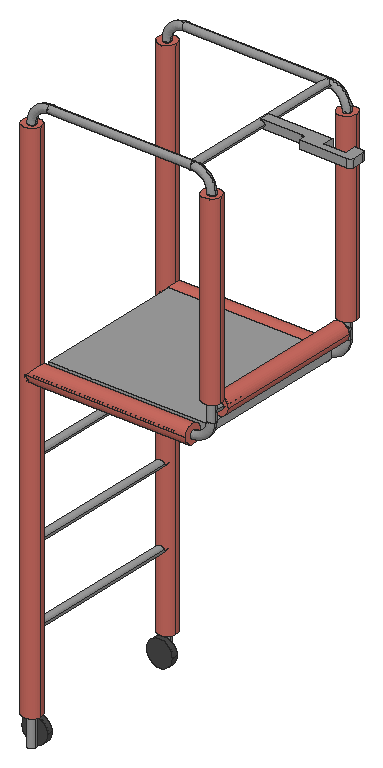
Revit family "Platform_Officials_Adjustable-Clamp-On_VB73A", category Generic Models, Revit 2022
Family settings
  Can host rebar = No
  Round Connector Dimension = Use Diameter
  Part Type = Normal
  OmniClass Number = 23.40.50.34.14
  OmniClass Title = Gymnasium Equipment
  Work Plane-Based = No
  Always vertical = Yes
  Cut with Voids When Loaded = No
  Maintain Annotation Orientation = No
  Shared = No
  Room Calculation Point = No
Parameters
  Width = 1' - 11"
  URL = "https://ipibybison.com/"
  Test Data = "http://www.ipibybison.com/ToolBox.php"
  Specification = "https://www.arcat.com/arcatcos/cos49/arc49571.html"
  Sales Information = "http://www.ipibybison.com/DealersPage.php"
  Revision = "R1_2018-09"
  Product Data = "http://www.arcat.com/arcatcos/cos38/arc38554.html"
  Platform Height [instance] = 3' - 9.75607"
  Padding = Padding - Specify Color
  Model = "As Specified"
  Manufacturer Website = "http://www.ipibybison.com/"
  Manufacturer Phone - Toll Free = "888-438-5311"
  Manufacturer Phone = "888-438-5311"
  Manufacturer Fax = "888-438-5312"
  Manufacturer Address = "603 L St.   Lincoln, NE 68508"
  Manufacturer = "BRP by bison"
  Length = 2' - 11"
  Keynote = "11 66 00"
  Installation-Fabrication = "http://www.ipibybison.com/InstallersPage.php"
  Height [instance] = Platform Height + 2' 8 3/4"  # 6' - 6.50607"
  Green Building-LEED = "https://www.arcat.com/green/green_building.shtml"
  Frame Material = Powder Coat - Gray
  Drawn By = "Sumex Design, Inc. / Robert S. Weygant, CSI, CDT, SCIP"
  Description = "IPI by Bison Gymnasium Equipment"
  Default Elevation = 0' - 0"
  Copyright = "©Arcat Inc."
  Construction Details = "https://www.arcat.com/downloads/38554-brpbis/bim/bison/BRP%20by%20bison"
  Category = ""
  Building Codes = "https://www.brpbybison.com/submittals.html"
Reference planes (in)
  plane 1 "Center (Front/Back)": y = 0
  plane 2 "Bottom": z = 0
  plane 3 "Center (Left/Right)": x = 0
  plane 4: x = -7.5
  plane 5: x = 1.5
  plane 6: x = -1.5
  plane 7 "Front": x = 3
  plane 8 "Back": x = -32
  plane 9 "Right": y = 11.5
  plane 10 "Left": y = -11.5
  plane 11: z = 45.75607
  plane 12 "Top": z = 78.50607
  plane 13: z = 4
  plane 14: z = 75.91302
  plane 15: z = 48.34912
  plane 16: x = -10.09305
  plane 17: y = 10.25
  plane 18: y = -10.25
  plane 19: z = 50.84912
  plane 20: z = 49.59912
  plane 21: z = 46.75607
  plane 22: z = 35.31705
  plane 23: z = 24.87804
  plane 24: z = 14.43902
  plane 25: z = 1.75
Forms (in)
  Sweep 1, solid, material "Powder Coat - Gray" <- "Frame Material"
    path origin (0, -11.5, 0) x (-1, 0, 0) y (0, 0, 1)
      loop
        line (32, 0) -> (32, 76.00364)
        arc (32, 76.00364) -> (31.26706, 77.77313) -> (29.49757, 78.50607) r 2.50243
        line (29.49757, 78.50607) -> (10.00243, 78.50607)
        arc (10.00243, 78.50607) -> (8.23294, 77.77313) -> (7.5, 76.00364) r 2.50243
        line (7.5, 76.00364) -> (7.5, 48.25364)
        arc (7.5, 48.25364) -> (8.23152, 46.48759) -> (9.99757, 45.75607) r 2.49757
        line (9.99757, 45.75607) -> (31.5, 45.75607)
    profile origin (-32, -11.5, 38.00182) x (1, 0, 0) y (0, 1, 0)
      loop
        circle (0, 0) r 0.5
  Extrusion 2, solid, material "Padding - Specify Color" <- "Padding"
    sketch origin (0, 0, 0) x (1, 0, 0) y (0, 1, 0)
      loop
        circle (-32, -11.5) r 1.25
      loop
        circle (-32, 11.5) r 1.25
    from 4 to 75.91302
  Extrusion 3, solid, material "Padding - Specify Color" <- "Padding"
    sketch origin (0, 0, 0) x (1, 0, 0) y (0, 1, 0)
      loop
        circle (-7.5, 11.5) r 1.25
      loop
        circle (-7.5, -11.5) r 1.25
    from 50.84912 to 75.91302
  Sweep 4, solid, material "Powder Coat - Gray" <- "Frame Material"
    path origin (0, 11.5, 0) x (-1, 0, 0) y (0, 0, 1)
      loop
        line (32, 0) -> (32, 76)
        arc (32, 76) -> (31.26777, 77.76777) -> (29.5, 78.5) r 2.5
        line (29.5, 78.5) -> (10, 78.5)
        arc (10, 78.5) -> (8.23223, 77.76777) -> (7.5, 76) r 2.5
        line (7.5, 76) -> (7.5, 48.25364)
        arc (7.5, 48.25364) -> (8.23152, 46.48759) -> (9.99757, 45.75607) r 2.49757
        line (9.99757, 45.75607) -> (31.5, 45.75607)
    profile origin (-32, 11.5, 38) x (1, 0, 0) y (0, 1, 0)
      loop
        circle (0, 0) r 0.5
  Extrusion 5, solid, material "Padding - Specify Color" <- "Padding"
    sketch origin (0, 0, 0) x (0, 1, 0) y (0, 0, 1)
      loop
        circle (11.5, 45.75607) r 1.25
      loop
        circle (-11.5, 45.75607) r 1.25
    from -32 to -10.09305
  Extrusion 6, solid, material "Padding - Specify Color" <- "Padding"
    sketch origin (0, 11.5, 0) x (-1, 0, 0) y (0, 0, 1)
      loop
        circle (7.5, 49.59912) r 1.25
    from -21.75 to -1.25
  Extrusion 7, solid, material "Powder Coat - Gray" <- "Frame Material"
    sketch origin (0, 11.5, 0) x (-1, 0, 0) y (0, 0, 1)
      loop
        circle (7.5, 49.59912) r 0.5
      loop
        circle (32, 35.31705) r 0.5
      loop
        circle (32, 24.87804) r 0.5
      loop
        circle (32, 14.43902) r 0.5
    from -23 to 0
  Extrusion 8, solid, material "Powder Coat - Gray" <- "Frame Material"
    sketch origin (0, 11.5, 0) x (-1, 0, 0) y (0, 0, 1)
      loop
        circle (10.09305, 78.50607) r 0.5
    from -23 to 0
  Extrusion 9, solid, material "Powder Coat - Gray" <- "Frame Material"
    sketch origin (0, 11.5, 0) x (-1, 0, 0) y (0, 0, 1)
      loop
        line (30.75, 45.75607) -> (30.75, 46.75607) -> (8.75, 46.75607) -> (8.75, 45.75607) -> (30.75, 45.75607)
    from -21.75 to -1.25
  Extrusion 10, solid, material "Plastic, Opaque Black"
    sketch origin (0, 11.5, 0) x (-1, 0, 0) y (0, 0, 1)
      loop
        circle (32, 1.75) r 1.75
    from -1.25 to -0.54913
  Extrusion 11, solid, material "Plastic, Opaque Black"
    sketch origin (0, -11.5, 0) x (-1, 0, 0) y (0, 0, -1)
      loop
        circle (32, -1.75) r 1.75
    from -1.25 to -0.54913
  Extrusion 12, solid, material "Powder Coat - Gray" <- "Frame Material"
    sketch origin (0, 0, 0) x (1, 0, 0) y (0, 1, 0)
      loop
        line (-10.09305, 1.5) -> (-10.09305, 0) -> (-4.5, 0)
        arc (-4.5, 0) -> (-4.14645, -0.14645) -> (-4, -0.5) r 0.5
        line (-4, -0.5) -> (-4, -1) -> (2.5, -1)
        arc (2.5, -1) -> (2.85355, -0.85355) -> (3, -0.5) r 0.5
        line (3, -0.5) -> (3, 1)
        arc (3, 1) -> (2.85355, 1.35355) -> (2.5, 1.5) r 0.5
        line (2.5, 1.5) -> (1.5, 1.5) -> (1.5, 0) -> (-1.5, 0) -> (-1.5, 1.5) -> (-10.09305, 1.5)
    from 77.97277 to 79.03937
Dimensions and locks (in)
  equal spacing: plane 6, plane 3 "Center (Left/Right)", plane 5
  locked: plane 6 to plane 5 at 3
  locked: plane 5 to plane 7 "Front" at 1.5
  equal spacing: plane 9 "Right", plane 1 "Center (Front/Back)", plane 10 "Left"
  "Width": plane 9 "Right" to plane 10 "Left"
  "Length": plane 8 "Back" to plane 7 "Front"
  locked: plane 8 "Back" to plane 4 at 24.5
  "Platform Height": plane 11 to level
  locked: plane 12 "Top" to plane 11 at 32.75
  locked: plane 13 to level at 4
  locked: plane 12 "Top" to plane 14 at 2.59305
  locked: plane 15 to plane 11 at 2.59305
  locked: plane 4 to plane 16 at 2.59305
  locked: plane 9 "Right" to plane 17 at 1.25
  locked: plane 10 "Left" to plane 18 at 1.25
  equal spacing: plane 19, plane 20, plane 15
  locked: plane 19 to plane 15 at 2.5
  locked: plane 21 to plane 11 at 1
  equal spacing: plane 11, plane 22, plane 23, plane 24, plane 13
  locked: plane 25 to level at 1.75
  locked: Extrusion 10 to plane 17 at 0.70087
  locked: Extrusion 11 to plane 18 at 0.70087
  equal spacing: Extrusion 12, plane 12 "Top", Extrusion 12
  locked: Extrusion 12 to Extrusion 12 at 1.06661
  aligned and locked: plane 2 "Bottom" to level
  aligned and locked: Sweep 1 sketch curve to plane 12 "Top"
  aligned and locked: plane 8 "Back" to Sweep 1 sketch curve  (x2)
  aligned and locked: Sweep 1 sketch curve to plane 4
  aligned and locked: plane 11 to Sweep 1 sketch curve
  aligned and locked: plane 10 "Left" to Sweep 1 sketch curve
  aligned and locked: plane 8 "Back" to Extrusion 2 sketch curve  (x2)
  aligned and locked: plane 10 "Left" to Extrusion 2 sketch curve
  aligned and locked: plane 14 to Extrusion 2
  aligned and locked: Extrusion 2 to plane 13
  aligned and locked: plane 9 "Right" to Extrusion 2 sketch curve
  aligned and locked: plane 4 to Extrusion 3 sketch curve  (x2)
  aligned and locked: plane 9 "Right" to Extrusion 3 sketch curve
  aligned and locked: plane 10 "Left" to Extrusion 3 sketch curve
  aligned and locked: plane 14 to Extrusion 3
  aligned and locked: plane 9 "Right" to Extrusion 5 sketch curve
  aligned and locked: plane 11 to Extrusion 5 sketch curve  (x2)
  aligned and locked: plane 10 "Left" to Extrusion 5 sketch curve
  aligned and locked: Extrusion 5 to plane 8 "Back"
  aligned and locked: plane 16 to Extrusion 5
  aligned and locked: plane 19 to Extrusion 3
  aligned and locked: plane 4 to Extrusion 6 sketch curve
  aligned and locked: plane 20 to Extrusion 6 sketch curve
  aligned and locked: plane 17 to Extrusion 6
  aligned and locked: plane 18 to Extrusion 6
  aligned and locked: plane 4 to Extrusion 7 sketch curve
  aligned and locked: plane 20 to Extrusion 7 sketch curve
  aligned and locked: Extrusion 7 to plane 10 "Left"
  aligned and locked: plane 9 "Right" to Extrusion 7
  aligned and locked: plane 16 to Extrusion 8 sketch curve
  aligned and locked: plane 12 "Top" to Extrusion 8 sketch curve
  aligned and locked: Extrusion 8 to plane 10 "Left"
  aligned and locked: plane 9 "Right" to Extrusion 8
  aligned and locked: Extrusion 9 sketch curve to plane 11
  aligned and locked: Extrusion 9 to plane 21
  aligned and locked: plane 17 to Extrusion 9
  aligned and locked: plane 18 to Extrusion 9
  aligned and locked: plane 22 to Extrusion 7 sketch curve
  aligned and locked: plane 8 "Back" to Extrusion 7 sketch curve  (x3)
  aligned and locked: plane 23 to Extrusion 7 sketch curve
  aligned and locked: plane 24 to Extrusion 7 sketch curve
  aligned and locked: level to Sweep 1 sketch curve
  aligned and locked: plane 8 "Back" to Extrusion 10 sketch curve
  aligned and locked: plane 25 to Extrusion 10 sketch curve
  aligned and locked: plane 8 "Back" to Extrusion 11 sketch curve
  aligned and locked: plane 25 to Extrusion 11 sketch curve
  aligned and locked: level to Sweep 4 sketch curve
  aligned and locked: plane 1 "Center (Front/Back)" to Extrusion 12 sketch curve
  aligned and locked: Extrusion 12 sketch curve to plane 1 "Center (Front/Back)"
  aligned and locked: plane 16 to Extrusion 12 sketch curve
  aligned and locked: Extrusion 12 sketch curve to plane 6
  aligned and locked: plane 5 to Extrusion 12 sketch curve
  aligned and locked: Extrusion 12 sketch curve to plane 7 "Front"
Automatic sketch dimensions
  plane 16 to Sweep 1 sketch curve = 0' - 0.09548"
  plane 14 to Sweep 1 sketch curve = 0' - 0.09062"
  plane 8 "Back" to Sweep 1 sketch curve = 0' - 2.50243"
  plane 8 "Back" to Sweep 1 sketch curve = 0' - 0 1/2"
  Sweep 4 sketch curve to plane 4 = 0' - 0"
  Sweep 4 sketch curve to plane 11 = 0' - 0"
  Sweep 4 sketch curve to plane 12 "Top" = 0' - 0.00607"
  Sweep 4 sketch curve to plane 8 "Back" = 0' - 0"
  plane 16 to Sweep 4 sketch curve = 0' - 0.09548"
  plane 14 to Sweep 4 sketch curve = 0' - 0.08698"
  plane 8 "Back" to Sweep 4 sketch curve = 0' - 2 1/2"
  plane 8 "Back" to Sweep 4 sketch curve = 0' - 0 1/2"
  Sweep 4 sketch curve to plane 9 "Right" = 0' - 0"
  Sweep 4 sketch curve to profile plane = 0' - 0"
  plane 21 to Extrusion 9 sketch curve = 0' - 0"
  Extrusion 9 sketch curve to plane 4 = 0' - 1 1/4"
  plane 8 "Back" to Extrusion 9 sketch curve = 0' - 1 1/4"
  plane 1 "Center (Front/Back)" to Extrusion 12 sketch curve = 0' - 0 1/2"
  plane 4 to Extrusion 12 sketch curve = 0' - 3"
  Extrusion 12 sketch curve to plane 7 "Front" = 0' - 0 1/2"
  Extrusion 12 sketch curve to Extrusion 12 sketch curve = 0' - 0 1/2"
  plane 1 "Center (Front/Back)" to Extrusion 12 sketch curve = 0' - 1"
  Extrusion 12 sketch curve to plane 1 "Center (Front/Back)" = 0' - 1"
  Extrusion 12 sketch curve to plane 1 "Center (Front/Back)" = 0' - 1 1/2"
  radius of Sweep 1 sketch curve = 0' - 0 1/2"
  radius of Extrusion 2 sketch curve = 0' - 1 1/4"  (x2)
  radius of Extrusion 3 sketch curve = 0' - 1 1/4"  (x2)
  radius of Sweep 4 sketch curve = 0' - 0 1/2"
  radius of Extrusion 5 sketch curve = 0' - 1 1/4"  (x2)
  radius of Extrusion 6 sketch curve = 0' - 1 1/4"
  radius of Extrusion 7 sketch curve = 0' - 0 1/2"  (x4)
  radius of Extrusion 8 sketch curve = 0' - 0 1/2"
  radius of Extrusion 10 sketch curve = 0' - 1 3/4"
  radius of Extrusion 11 sketch curve = 0' - 1 3/4"
